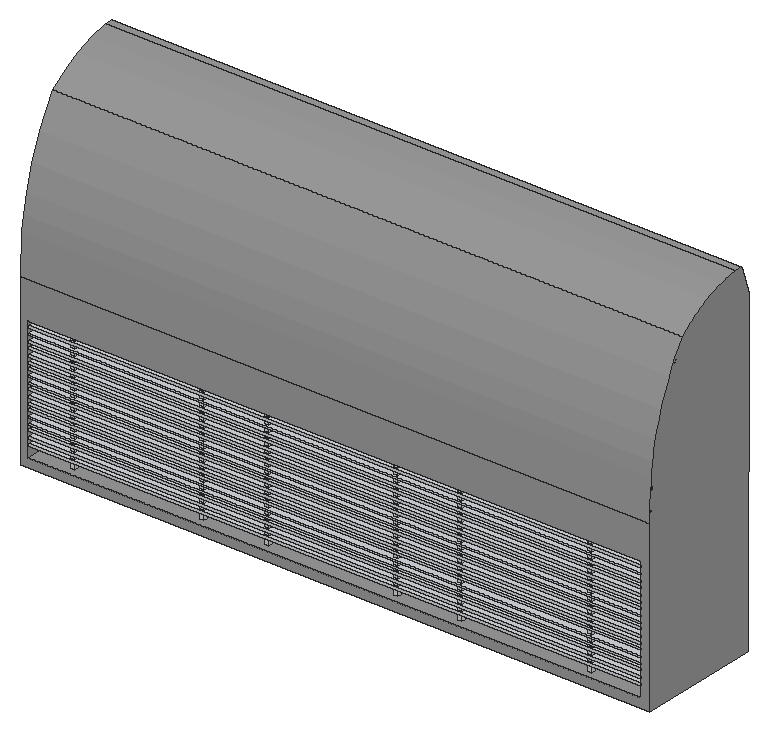
Revit family "GMV-ND63-90ZDB-T", category 机械设备, Revit 2014
Parameters
  unit width = 1200 mm
  unit height = 665 mm
  unit depth = 234.964 mm
Reference planes
  plane 1 "中心(前/后)": y = 0
  plane 2: z = 0
  plane 3 "中心(左/右)": x = 0
  plane 4: z = 665
  plane 5: x = -600
  plane 6: x = 600
Forms (mm)
  Extrusion 1, solid, material "cabinet"
    sketch origin (0, 0, 0) x (0, 1, 0) y (0, 0, 1)
      loop
        line (-115, 0) -> (119.964, 0) -> (119.964, 612.814) -> (105.074, 661.518) -> (102.152, 665) -> (89.308, 663.707)
        spline (89.308, 663.707) -> (74.922, 661.089) -> (63.302, 658.369) -> (52.948, 655.442) -> (42.852, 652.222) -> (33.02, 648.668) -> (23.585, 644.742) -> (14.669, 640.438) -> (6.33, 635.929) -> (-1.396, 631.449) -> (-8.869, 626.888) -> (-19.162, 619.744) -> (-36.49, 606.515)
        spline (-36.49, 606.515) -> (-54.249, 577.092) -> (-67.405, 551.788) -> (-77.398, 529.895) -> (-85.19, 510.219) -> (-91.577, 491.432) -> (-97.059, 472.347) -> (-101.922, 451.907) -> (-106.001, 431.633) -> (-108.479, 416.723) -> (-110.005, 402.143) -> (-112.301, 374.148) -> (-115, 321.342)
        line (-115, 321.342) -> (-115, 0)
    from -600 to 600
  Extrusion 2, void
    sketch origin (0, 0, 0) x (1, 0, 0) y (0, 0, 1)
      loop
        line (-585, 252.343) -> (-585, 18.31) -> (582.064, 18.31) -> (582.064, 252.343) -> (-585, 252.343)
    from 82.005 to 179.288
  Extrusion 3, solid
    sketch origin (5, 0, 0) x (1, 0, 0) y (0, 0, 1)
      loop
        line (-590, 244.539) -> (-590, 240.215) -> (577.064, 240.215) -> (577.064, 244.539) -> (-590, 244.539)
    from 84.534 to 115
  Extrusion 4, solid
    sketch origin (5, 0, -12.882) x (1, 0, 0) y (0, 0, 1)
      loop
        line (-590, 244.539) -> (-590, 240.215) -> (577.064, 240.215) -> (577.064, 244.539) -> (-590, 244.539)
    from 84.534 to 115
  Extrusion 5, solid
    sketch origin (5, 0, -25.485) x (1, 0, 0) y (0, 0, 1)
      loop
        line (-590, 244.539) -> (-590, 240.215) -> (577.064, 240.215) -> (577.064, 244.539) -> (-590, 244.539)
    from 84.534 to 115
  Extrusion 6, solid
    sketch origin (0, 0, 0) x (1, 0, 0) y (0, 0, 1)
      loop
        line (-507.885, 252.343) -> (-507.885, 25.059) -> (-500.546, 25.059) -> (-500.546, 252.343) -> (-507.885, 252.343)
      loop
        line (-261.218, 252.343) -> (-261.218, 25.059) -> (-253.879, 25.059) -> (-253.879, 252.343) -> (-261.218, 252.343)
      loop
        line (-137.885, 252.343) -> (-137.885, 25.059) -> (-130.546, 25.059) -> (-130.546, 252.343) -> (-137.885, 252.343)
      loop
        line (108.07, 252.343) -> (108.07, 25.059) -> (115.409, 25.059) -> (115.409, 252.343) -> (108.07, 252.343)
      loop
        line (230.223, 252.343) -> (230.223, 25.059) -> (237.562, 25.059) -> (237.562, 252.343) -> (230.223, 252.343)
      loop
        line (478.782, 252.343) -> (478.782, 25.059) -> (486.121, 25.059) -> (486.121, 252.343) -> (478.782, 252.343)
    from 102.773 to 110
  Extrusion 7, solid
    sketch origin (5, 0, -36.516) x (1, 0, 0) y (0, 0, 1)
      loop
        line (-590, 244.539) -> (-590, 240.215) -> (577.064, 240.215) -> (577.064, 244.539) -> (-590, 244.539)
    from 84.534 to 115
  Extrusion 8, solid
    sketch origin (5, 0, -49.398) x (1, 0, 0) y (0, 0, 1)
      loop
        line (-590, 244.539) -> (-590, 240.215) -> (577.064, 240.215) -> (577.064, 244.539) -> (-590, 244.539)
    from 84.534 to 115
  Extrusion 9, solid
    sketch origin (5, 0, -62.001) x (1, 0, 0) y (0, 0, 1)
      loop
        line (-590, 244.539) -> (-590, 240.215) -> (577.064, 240.215) -> (577.064, 244.539) -> (-590, 244.539)
    from 84.534 to 115
  Extrusion 10, solid
    sketch origin (5, 0, -71.516) x (1, 0, 0) y (0, 0, 1)
      loop
        line (-590, 244.539) -> (-590, 240.215) -> (577.064, 240.215) -> (577.064, 244.539) -> (-590, 244.539)
    from 84.534 to 115
  Extrusion 11, solid
    sketch origin (5, 0, -84.398) x (1, 0, 0) y (0, 0, 1)
      loop
        line (-590, 244.539) -> (-590, 240.215) -> (577.064, 240.215) -> (577.064, 244.539) -> (-590, 244.539)
    from 84.534 to 115
  Extrusion 12, solid
    sketch origin (5, 0, -97.001) x (1, 0, 0) y (0, 0, 1)
      loop
        line (-590, 244.539) -> (-590, 240.215) -> (577.064, 240.215) -> (577.064, 244.539) -> (-590, 244.539)
    from 84.534 to 115
  Extrusion 13, solid
    sketch origin (5, 0, -106.516) x (1, 0, 0) y (0, 0, 1)
      loop
        line (-590, 244.539) -> (-590, 240.215) -> (577.064, 240.215) -> (577.064, 244.539) -> (-590, 244.539)
    from 84.534 to 115
  Extrusion 14, solid
    sketch origin (5, 0, -119.398) x (1, 0, 0) y (0, 0, 1)
      loop
        line (-590, 244.539) -> (-590, 240.215) -> (577.064, 240.215) -> (577.064, 244.539) -> (-590, 244.539)
    from 84.534 to 115
  Extrusion 15, solid
    sketch origin (5, 0, -132.001) x (1, 0, 0) y (0, 0, 1)
      loop
        line (-590, 244.539) -> (-590, 240.215) -> (577.064, 240.215) -> (577.064, 244.539) -> (-590, 244.539)
    from 84.534 to 115
  Extrusion 16, solid
    sketch origin (5, 0, -141.516) x (1, 0, 0) y (0, 0, 1)
      loop
        line (-590, 244.539) -> (-590, 240.215) -> (577.064, 240.215) -> (577.064, 244.539) -> (-590, 244.539)
    from 84.534 to 115
  Extrusion 17, solid
    sketch origin (5, 0, -154.398) x (1, 0, 0) y (0, 0, 1)
      loop
        line (-590, 244.539) -> (-590, 240.215) -> (577.064, 240.215) -> (577.064, 244.539) -> (-590, 244.539)
    from 84.534 to 115
  Extrusion 18, solid
    sketch origin (5, 0, -167.001) x (1, 0, 0) y (0, 0, 1)
      loop
        line (-590, 244.539) -> (-590, 240.215) -> (577.064, 240.215) -> (577.064, 244.539) -> (-590, 244.539)
    from 84.534 to 115
  Extrusion 19, solid
    sketch origin (5, 0, -176.516) x (1, 0, 0) y (0, 0, 1)
      loop
        line (-590, 244.539) -> (-590, 240.215) -> (577.064, 240.215) -> (577.064, 244.539) -> (-590, 244.539)
    from 84.534 to 115
  Extrusion 20, solid
    sketch origin (5, 0, -189.398) x (1, 0, 0) y (0, 0, 1)
      loop
        line (-590, 244.539) -> (-590, 240.215) -> (577.064, 240.215) -> (577.064, 244.539) -> (-590, 244.539)
    from 84.534 to 115
  Extrusion 21, solid
    sketch origin (5, 0, -202.001) x (1, 0, 0) y (0, 0, 1)
      loop
        line (-590, 244.539) -> (-590, 240.215) -> (577.064, 240.215) -> (577.064, 244.539) -> (-590, 244.539)
    from 84.534 to 115
Cuts and joins
  Extrusion 2 cuts Extrusion 1
Dimensions and locks
  "unit width": cut or joined group of Extrusion 1, Extrusion 2 to cut or joined group of Extrusion 1, Extrusion 2
  "unit depth": cut or joined group of Extrusion 1, Extrusion 2 to cut or joined group of Extrusion 1, Extrusion 2
  "unit height": plane 4 to level
  "unit width": plane 6 to plane 5
  aligned and locked: level to plane 2
Automatic sketch dimensions
  Extrusion 1 sketch curve to level = 0 mm
  Extrusion 1 sketch curve to plane 4 = 0 mm
  plane 1 "中心(前/后)" to Extrusion 1 sketch curve = 115 mm
  plane 1 "中心(前/后)" to Extrusion 1 sketch curve = 36.49 mm
  Extrusion 1 sketch curve to plane 4 = 1.293 mm
  Extrusion 1 sketch curve to plane 1 "中心(前/后)" = 89.308 mm
  Extrusion 1 sketch curve to Extrusion 1 sketch curve = 12.844 mm
  Extrusion 1 sketch curve to plane 4 = 3.482 mm
  Extrusion 1 sketch curve to Extrusion 1 sketch curve = 2.922 mm
  Extrusion 1 sketch curve to plane 1 "中心(前/后)" = 119.964 mm
  level to Extrusion 1 sketch curve = 321.342 mm
  Extrusion 1 sketch curve to plane 4 = 58.485 mm
  Extrusion 1 sketch curve to Extrusion 1 sketch curve = 48.704 mm
  level to Extrusion 2 sketch curve = 18.31 mm
  plane 5 to Extrusion 2 sketch curve = 15 mm
  plane 6 to Extrusion 2 sketch curve = 17.936 mm
  Extrusion 2 sketch curve to Extrusion 2 sketch curve = 234.033 mm
  plane 5 to Extrusion 3 sketch curve = 15 mm
  plane 6 to Extrusion 3 sketch curve = 17.936 mm
  level to Extrusion 3 sketch curve = 240.215 mm
  Extrusion 3 sketch curve to Extrusion 3 sketch curve = 4.323 mm
  plane 5 to Extrusion 4 sketch curve = 15 mm
  plane 6 to Extrusion 4 sketch curve = 17.936 mm
  level to Extrusion 4 sketch curve = 227.333 mm
  Extrusion 4 sketch curve to Extrusion 4 sketch curve = 4.323 mm
  plane 5 to Extrusion 5 sketch curve = 15 mm
  plane 6 to Extrusion 5 sketch curve = 17.936 mm
  level to Extrusion 5 sketch curve = 214.73 mm
  Extrusion 5 sketch curve to Extrusion 5 sketch curve = 4.323 mm
  plane 5 to Extrusion 6 sketch curve = 92.115 mm
  Extrusion 6 sketch curve to Extrusion 6 sketch curve = 7.339 mm  (x6)
  Extrusion 6 sketch curve to Extrusion 6 sketch curve = 239.328 mm
  Extrusion 6 sketch curve to Extrusion 6 sketch curve = 115.994 mm
  plane 3 "中心(左/右)" to Extrusion 6 sketch curve = 108.07 mm
  Extrusion 6 sketch curve to Extrusion 6 sketch curve = 114.815 mm
  plane 6 to Extrusion 6 sketch curve = 121.218 mm
  level to Extrusion 6 sketch curve = 25.059 mm  (x6)
  Extrusion 6 sketch curve to Extrusion 6 sketch curve = 227.285 mm  (x4)
  Extrusion 6 sketch curve to Extrusion 6 sketch curve = 0 mm  (x2)
  plane 5 to Extrusion 7 sketch curve = 15 mm
  plane 6 to Extrusion 7 sketch curve = 17.936 mm
  level to Extrusion 7 sketch curve = 203.699 mm
  Extrusion 7 sketch curve to Extrusion 7 sketch curve = 4.323 mm
  plane 5 to Extrusion 8 sketch curve = 15 mm
  plane 6 to Extrusion 8 sketch curve = 17.936 mm
  level to Extrusion 8 sketch curve = 190.817 mm
  Extrusion 8 sketch curve to Extrusion 8 sketch curve = 4.323 mm
  plane 5 to Extrusion 9 sketch curve = 15 mm
  plane 6 to Extrusion 9 sketch curve = 17.936 mm
  level to Extrusion 9 sketch curve = 178.214 mm
  Extrusion 9 sketch curve to Extrusion 9 sketch curve = 4.323 mm
  plane 5 to Extrusion 10 sketch curve = 15 mm
  plane 6 to Extrusion 10 sketch curve = 17.936 mm
  level to Extrusion 10 sketch curve = 168.699 mm
  Extrusion 10 sketch curve to Extrusion 10 sketch curve = 4.323 mm
  plane 5 to Extrusion 11 sketch curve = 15 mm
  plane 6 to Extrusion 11 sketch curve = 17.936 mm
  level to Extrusion 11 sketch curve = 155.817 mm
  Extrusion 11 sketch curve to Extrusion 11 sketch curve = 4.323 mm
  plane 5 to Extrusion 12 sketch curve = 15 mm
  plane 6 to Extrusion 12 sketch curve = 17.936 mm
  level to Extrusion 12 sketch curve = 143.214 mm
  Extrusion 12 sketch curve to Extrusion 12 sketch curve = 4.323 mm
  plane 5 to Extrusion 13 sketch curve = 15 mm
  plane 6 to Extrusion 13 sketch curve = 17.936 mm
  level to Extrusion 13 sketch curve = 133.699 mm
  Extrusion 13 sketch curve to Extrusion 13 sketch curve = 4.323 mm
  plane 5 to Extrusion 14 sketch curve = 15 mm
  plane 6 to Extrusion 14 sketch curve = 17.936 mm
  level to Extrusion 14 sketch curve = 120.817 mm
  Extrusion 14 sketch curve to Extrusion 14 sketch curve = 4.323 mm
  plane 5 to Extrusion 15 sketch curve = 15 mm
  plane 6 to Extrusion 15 sketch curve = 17.936 mm
  level to Extrusion 15 sketch curve = 108.214 mm
  Extrusion 15 sketch curve to Extrusion 15 sketch curve = 4.323 mm
  plane 5 to Extrusion 16 sketch curve = 15 mm
  plane 6 to Extrusion 16 sketch curve = 17.936 mm
  level to Extrusion 16 sketch curve = 98.699 mm
  Extrusion 16 sketch curve to Extrusion 16 sketch curve = 4.323 mm
  plane 5 to Extrusion 17 sketch curve = 15 mm
  plane 6 to Extrusion 17 sketch curve = 17.936 mm
  level to Extrusion 17 sketch curve = 85.817 mm
  Extrusion 17 sketch curve to Extrusion 17 sketch curve = 4.323 mm
  plane 5 to Extrusion 18 sketch curve = 15 mm
  plane 6 to Extrusion 18 sketch curve = 17.936 mm
  level to Extrusion 18 sketch curve = 73.214 mm
  Extrusion 18 sketch curve to Extrusion 18 sketch curve = 4.323 mm
  plane 5 to Extrusion 19 sketch curve = 15 mm
  plane 6 to Extrusion 19 sketch curve = 17.936 mm
  level to Extrusion 19 sketch curve = 63.699 mm
  Extrusion 19 sketch curve to Extrusion 19 sketch curve = 4.323 mm
  plane 5 to Extrusion 20 sketch curve = 15 mm
  plane 6 to Extrusion 20 sketch curve = 17.936 mm
  level to Extrusion 20 sketch curve = 50.817 mm
  Extrusion 20 sketch curve to Extrusion 20 sketch curve = 4.323 mm
  plane 5 to Extrusion 21 sketch curve = 15 mm
  plane 6 to Extrusion 21 sketch curve = 17.936 mm
  level to Extrusion 21 sketch curve = 38.214 mm
  Extrusion 21 sketch curve to Extrusion 21 sketch curve = 4.323 mm
